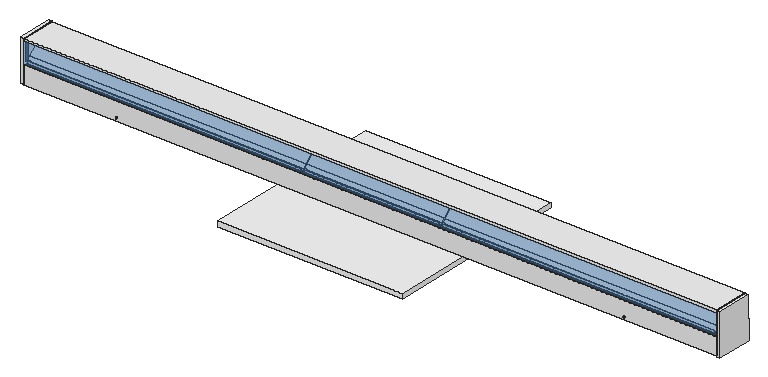
Revit family "BE_50807.1_de_DE", category Leuchten, Revit 2020 (continued)
Definition of nested family "BE_50807.1"
  Forms (mm)
    Extrusion 114, solid, material <- "Material_15"
      sketch origin (-263.631, 0, 0) x (0, 1, 0) y (0, 0, 1)
        loop
          line (16.705, 78.821) -> (16.436, 79.56) -> (13.617, 78.534) -> (13.886, 77.795) -> (16.705, 78.821)
        loop
          line (-16.705, 78.821) -> (-13.886, 77.795) -> (-13.617, 78.534) -> (-16.436, 79.56) -> (-16.705, 78.821)
      from 130.315 to 133.315
    Extrusion 115, solid, material <- "Material_15"
      sketch origin (-263.631, 0, 0) x (0, 1, 0) y (0, 0, 1)
        loop
          line (16.705, 78.821) -> (16.436, 79.56) -> (13.617, 78.534) -> (13.886, 77.795) -> (16.705, 78.821)
        loop
          line (-16.705, 78.821) -> (-13.886, 77.795) -> (-13.617, 78.534) -> (-16.436, 79.56) -> (-16.705, 78.821)
      from 130.315 to 133.315
    Extrusion 116, solid, material <- "Material_15"
      sketch origin (-263.631, 0, 0) x (0, 1, 0) y (0, 0, 1)
        loop
          line (16.705, 78.821) -> (16.436, 79.56) -> (13.617, 78.534) -> (13.886, 77.795) -> (16.705, 78.821)
        loop
          line (-16.705, 78.821) -> (-13.886, 77.795) -> (-13.617, 78.534) -> (-16.436, 79.56) -> (-16.705, 78.821)
      from 130.315 to 133.315
    Extrusion 117, solid, material <- "Material_15"
      sketch origin (-263.631, 0, 0) x (0, 1, 0) y (0, 0, 1)
        loop
          line (16.705, 78.821) -> (16.436, 79.56) -> (13.617, 78.534) -> (13.886, 77.795) -> (16.705, 78.821)
        loop
          line (-16.705, 78.821) -> (-13.886, 77.795) -> (-13.617, 78.534) -> (-16.436, 79.56) -> (-16.705, 78.821)
      from 130.315 to 133.315
    Extrusion 118, solid, material <- "Material_15"
      sketch origin (-263.631, 0, 0) x (0, 1, 0) y (0, 0, 1)
        loop
          line (16.705, 78.821) -> (16.436, 79.56) -> (13.617, 78.534) -> (13.886, 77.795) -> (16.705, 78.821)
        loop
          line (-16.705, 78.821) -> (-13.886, 77.795) -> (-13.617, 78.534) -> (-16.436, 79.56) -> (-16.705, 78.821)
      from 130.315 to 133.315
    Extrusion 119, solid, material <- "Material_15"
      sketch origin (-263.631, 0, 0) x (0, 1, 0) y (0, 0, 1)
        loop
          line (16.705, 78.821) -> (16.436, 79.56) -> (13.617, 78.534) -> (13.886, 77.795) -> (16.705, 78.821)
        loop
          line (-16.705, 78.821) -> (-13.886, 77.795) -> (-13.617, 78.534) -> (-16.436, 79.56) -> (-16.705, 78.821)
      from 130.315 to 133.315
    Extrusion 120, solid, material <- "Material_15"
      sketch origin (-263.631, 0, 0) x (0, 1, 0) y (0, 0, 1)
        loop
          line (16.705, 78.821) -> (16.436, 79.56) -> (13.617, 78.534) -> (13.886, 77.795) -> (16.705, 78.821)
        loop
          line (-16.705, 78.821) -> (-13.886, 77.795) -> (-13.617, 78.534) -> (-16.436, 79.56) -> (-16.705, 78.821)
      from 130.315 to 133.315
    Extrusion 121, solid, material <- "Material_15"
      sketch origin (-263.631, 0, 0) x (0, 1, 0) y (0, 0, 1)
        loop
          line (16.705, 78.821) -> (16.436, 79.56) -> (13.617, 78.534) -> (13.886, 77.795) -> (16.705, 78.821)
        loop
          line (-16.705, 78.821) -> (-13.886, 77.795) -> (-13.617, 78.534) -> (-16.436, 79.56) -> (-16.705, 78.821)
      from 130.315 to 133.315
    Extrusion 122, solid, material <- "Material_15"
      sketch origin (-263.631, 0, 0) x (0, 1, 0) y (0, 0, 1)
        loop
          line (16.705, 78.821) -> (16.436, 79.56) -> (13.617, 78.534) -> (13.886, 77.795) -> (16.705, 78.821)
        loop
          line (-16.705, 78.821) -> (-13.886, 77.795) -> (-13.617, 78.534) -> (-16.436, 79.56) -> (-16.705, 78.821)
      from 130.315 to 133.315
    Extrusion 123, solid, material <- "Material_15"
      sketch origin (-263.631, 0, 0) x (0, 1, 0) y (0, 0, 1)
        loop
          line (16.705, 78.821) -> (16.436, 79.56) -> (13.617, 78.534) -> (13.886, 77.795) -> (16.705, 78.821)
        loop
          line (-16.705, 78.821) -> (-13.886, 77.795) -> (-13.617, 78.534) -> (-16.436, 79.56) -> (-16.705, 78.821)
      from 130.315 to 133.315
    Extrusion 124, solid, material <- "Material_15"
      sketch origin (-263.631, 0, 0) x (0, 1, 0) y (0, 0, 1)
        loop
          line (16.705, 78.821) -> (16.436, 79.56) -> (13.617, 78.534) -> (13.886, 77.795) -> (16.705, 78.821)
        loop
          line (-16.705, 78.821) -> (-13.886, 77.795) -> (-13.617, 78.534) -> (-16.436, 79.56) -> (-16.705, 78.821)
      from 130.315 to 133.315
    Extrusion 125, solid, material <- "Material_15"
      sketch origin (-263.631, 0, 0) x (0, 1, 0) y (0, 0, 1)
        loop
          line (16.705, 78.821) -> (16.436, 79.56) -> (13.617, 78.534) -> (13.886, 77.795) -> (16.705, 78.821)
        loop
          line (-16.705, 78.821) -> (-13.886, 77.795) -> (-13.617, 78.534) -> (-16.436, 79.56) -> (-16.705, 78.821)
      from 130.315 to 133.315
    Extrusion 126, solid, material <- "Material_15"
      sketch origin (-263.631, 0, 0) x (0, 1, 0) y (0, 0, 1)
        loop
          line (16.705, 78.821) -> (16.436, 79.56) -> (13.617, 78.534) -> (13.886, 77.795) -> (16.705, 78.821)
        loop
          line (-16.705, 78.821) -> (-13.886, 77.795) -> (-13.617, 78.534) -> (-16.436, 79.56) -> (-16.705, 78.821)
      from 130.315 to 133.315
    Extrusion 127, solid, material <- "Material_15"
      sketch origin (-263.631, 0, 0) x (0, 1, 0) y (0, 0, 1)
        loop
          line (16.705, 78.821) -> (16.436, 79.56) -> (13.617, 78.534) -> (13.886, 77.795) -> (16.705, 78.821)
        loop
          line (-16.705, 78.821) -> (-13.886, 77.795) -> (-13.617, 78.534) -> (-16.436, 79.56) -> (-16.705, 78.821)
      from 130.315 to 133.315
    Extrusion 128, solid, material <- "Material_15"
      sketch origin (-263.631, 0, 0) x (0, 1, 0) y (0, 0, 1)
        loop
          line (16.705, 78.821) -> (16.436, 79.56) -> (13.617, 78.534) -> (13.886, 77.795) -> (16.705, 78.821)
        loop
          line (-16.705, 78.821) -> (-13.886, 77.795) -> (-13.617, 78.534) -> (-16.436, 79.56) -> (-16.705, 78.821)
      from 130.315 to 133.315
    Extrusion 129, solid, material <- "Material_15"
      sketch origin (-263.631, 0, 0) x (0, 1, 0) y (0, 0, 1)
        loop
          line (16.705, 78.821) -> (16.436, 79.56) -> (13.617, 78.534) -> (13.886, 77.795) -> (16.705, 78.821)
        loop
          line (-16.705, 78.821) -> (-13.886, 77.795) -> (-13.617, 78.534) -> (-16.436, 79.56) -> (-16.705, 78.821)
      from 130.315 to 133.315
    Extrusion 130, solid, material <- "Material_15"
      sketch origin (-263.631, 0, 0) x (0, 1, 0) y (0, 0, 1)
        loop
          line (16.705, 78.821) -> (16.436, 79.56) -> (13.617, 78.534) -> (13.886, 77.795) -> (16.705, 78.821)
        loop
          line (-16.705, 78.821) -> (-13.886, 77.795) -> (-13.617, 78.534) -> (-16.436, 79.56) -> (-16.705, 78.821)
      from 130.315 to 133.315
    Extrusion 131, solid, material <- "Material_15"
      sketch origin (-263.631, 0, 0) x (0, 1, 0) y (0, 0, 1)
        loop
          line (16.705, 78.821) -> (16.436, 79.56) -> (13.617, 78.534) -> (13.886, 77.795) -> (16.705, 78.821)
        loop
          line (-16.705, 78.821) -> (-13.886, 77.795) -> (-13.617, 78.534) -> (-16.436, 79.56) -> (-16.705, 78.821)
      from 130.315 to 133.315
    Extrusion 132, solid, material <- "Material_15"
      sketch origin (-263.631, 0, 0) x (0, 1, 0) y (0, 0, 1)
        loop
          line (16.705, 78.821) -> (16.436, 79.56) -> (13.617, 78.534) -> (13.886, 77.795) -> (16.705, 78.821)
        loop
          line (-16.705, 78.821) -> (-13.886, 77.795) -> (-13.617, 78.534) -> (-16.436, 79.56) -> (-16.705, 78.821)
      from 130.315 to 133.315
    Extrusion 133, solid, material <- "Material_15"
      sketch origin (-263.631, 0, 0) x (0, 1, 0) y (0, 0, 1)
        loop
          line (16.705, 78.821) -> (16.436, 79.56) -> (13.617, 78.534) -> (13.886, 77.795) -> (16.705, 78.821)
        loop
          line (-16.705, 78.821) -> (-13.886, 77.795) -> (-13.617, 78.534) -> (-16.436, 79.56) -> (-16.705, 78.821)
      from 130.315 to 133.315
    Extrusion 134, solid, material <- "Material_15"
      sketch origin (-263.631, 0, 0) x (0, 1, 0) y (0, 0, 1)
        loop
          line (16.705, 78.821) -> (16.436, 79.56) -> (13.617, 78.534) -> (13.886, 77.795) -> (16.705, 78.821)
        loop
          line (-16.705, 78.821) -> (-13.886, 77.795) -> (-13.617, 78.534) -> (-16.436, 79.56) -> (-16.705, 78.821)
      from 130.315 to 133.315
    Extrusion 135, solid, material <- "Material_15"
      sketch origin (-263.631, 0, 0) x (0, 1, 0) y (0, 0, 1)
        loop
          line (16.705, 78.821) -> (16.436, 79.56) -> (13.617, 78.534) -> (13.886, 77.795) -> (16.705, 78.821)
        loop
          line (-16.705, 78.821) -> (-13.886, 77.795) -> (-13.617, 78.534) -> (-16.436, 79.56) -> (-16.705, 78.821)
      from 130.315 to 133.315
    Extrusion 136, solid, material <- "Material_34"
      sketch origin (0, 0, 0) x (0, 1, 0) y (0, 0, 1)
        loop
          line (33.7, 0) -> (34.041, 2.5) -> (30.8, 2.5) -> (30.479, 5.958) -> (33.493, 7.699)
          arc (33.493, 7.699) -> (33.786, 8.683) -> (33.21, 9.533) r 1.2
          line (33.21, 9.533) -> (32.471, 9.96) -> (27.5, 10.004) -> (27.5, 8) -> (-23.701, 8.004) -> (-24.1, 10) -> (-27.252, 10) -> (-28.075, 8.575) -> (-26.088, 6.588) -> (-26, 4.624) -> (-27.912, 2.588) -> (-32.7, 2.5) -> (-33.041, 0) -> (-25, 0) -> (-22.489, 4.35) -> (23.489, 4.35) -> (26, 0) -> (33.7, 0)
      from -749 to 748.991
    Extrusion 137, solid, material <- "Material_34"
      sketch origin (0, 0, 0) x (0, 1, 0) y (0, 0, 1)
        loop
          line (-38, 0.498) -> (38.035, 0.511) -> (38.035, 90) -> (-38, 90) -> (-38, 0.498)
      from -757.866 to -750.5
    Extrusion 138, solid, material <- "Material_34"
      sketch origin (0, 0, 0) x (0, 1, 0) y (0, 0, 1)
        loop
          line (37.5, 0.824) -> (37.5, 89.55) -> (-37.5, 89.55) -> (-37.5, 0.811) -> (37.5, 0.824)
      from -750.5 to -750
    Extrusion 139, solid, material <- "Material_34"
      sketch origin (0, 0, 0) x (0, 1, 0) y (0, 0, -1)
        loop
          line (-38, -0.498) -> (-38, -90) -> (38.035, -90) -> (38.035, -0.511) -> (-38, -0.498)
      from -757.866 to -750.5
    Extrusion 140, solid
      sketch origin (0, 0, 0) x (0, 1, 0) y (0, 0, -1)
        loop
          line (37.5, -0.824) -> (-37.5, -0.811) -> (-37.5, -89.55) -> (37.5, -89.55) -> (37.5, -0.824)
      from -750.5 to -750
    Extrusion 141, void
      sketch origin (0, 0, 0) x (1, 0, 0) y (0, 1, 0)
        loop
          arc (-722.25, 12.5) -> (-725, 15.25) -> (-727.75, 12.5) r 2.75
          line (-727.75, 12.5) -> (-727.75, 7.5)
          arc (-727.75, 7.5) -> (-725, 4.75) -> (-722.25, 7.5) r 2.75
          line (-722.25, 7.5) -> (-722.25, 12.5)
        loop
          line (-159, 7) -> (-159, -7)
          arc (-159, -7) -> (-156.657, -12.657) -> (-151, -15) r 8
          line (-151, -15) -> (-17, -15)
          arc (-17, -15) -> (-11.343, -12.657) -> (-9, -7) r 8
          line (-9, -7) -> (-9, 7)
          arc (-9, 7) -> (-11.343, 12.657) -> (-17, 15) r 8
          line (-17, 15) -> (-151, 15)
          arc (-151, 15) -> (-156.657, 12.657) -> (-159, 7) r 8
        loop
          arc (722.5, 12.75) -> (719.75, 10) -> (722.5, 7.25) r 2.75
          line (722.5, 7.25) -> (727.5, 7.25)
          arc (727.5, 7.25) -> (730.25, 10) -> (727.5, 12.75) r 2.75
          line (727.5, 12.75) -> (722.5, 12.75)
      from 3.356 to 9.5
    Extrusion 142, solid
      sketch origin (0, 0, 0) x (0, 1, 0) y (0, 0, 1)
        loop
          line (34.396, 48) -> (34.396, 80)
          arc (34.396, 80) -> (32.4, 81.997) -> (30.403, 80) r 1.997
          line (30.403, 80) -> (30.403, 47.999)
          arc (30.403, 47.999) -> (32.4, 46.003) -> (34.396, 48) r 1.997
        loop
          arc (-34.396, 48) -> (-32.4, 46.003) -> (-30.403, 47.999) r 1.997
          line (-30.403, 47.999) -> (-30.403, 80)
          arc (-30.403, 80) -> (-32.4, 81.997) -> (-34.396, 80) r 1.997
          line (-34.396, 80) -> (-34.396, 48)
      from -750 to -748.5
    Extrusion 143, solid
      sketch origin (0, 0, 0) x (0, 1, 0) y (0, 0, -1)
        loop
          arc (34.396, -48) -> (32.4, -46.003) -> (30.403, -47.999) r 1.997
          line (30.403, -47.999) -> (30.403, -80)
          arc (30.403, -80) -> (32.4, -81.997) -> (34.396, -80) r 1.997
          line (34.396, -80) -> (34.396, -48)
        loop
          line (-34.396, -48) -> (-34.396, -80)
          arc (-34.396, -80) -> (-32.4, -81.997) -> (-30.403, -80) r 1.997
          line (-30.403, -80) -> (-30.403, -47.999)
          arc (-30.403, -47.999) -> (-32.4, -46.003) -> (-34.396, -48) r 1.997
      from -750 to -748.5
    Extrusion 144, solid, material <- "Material_15"
      sketch origin (-263.631, 0, 0) x (0, 1, 0) y (0, 0, 1)
        loop
          line (16.705, 78.821) -> (16.436, 79.56) -> (13.617, 78.534) -> (13.886, 77.795) -> (16.705, 78.821)
        loop
          line (-16.705, 78.821) -> (-13.886, 77.795) -> (-13.617, 78.534) -> (-16.436, 79.56) -> (-16.705, 78.821)
      from 130.315 to 133.315
    Extrusion 145, solid, material <- "Material_15"
      sketch origin (-263.631, 0, 0) x (0, 1, 0) y (0, 0, 1)
        loop
          line (16.705, 78.821) -> (16.436, 79.56) -> (13.617, 78.534) -> (13.886, 77.795) -> (16.705, 78.821)
        loop
          line (-16.705, 78.821) -> (-13.886, 77.795) -> (-13.617, 78.534) -> (-16.436, 79.56) -> (-16.705, 78.821)
      from 130.315 to 133.315
    Extrusion 146, solid, material <- "Material_15"
      sketch origin (-263.631, 0, 0) x (0, 1, 0) y (0, 0, 1)
        loop
          line (16.705, 78.821) -> (16.436, 79.56) -> (13.617, 78.534) -> (13.886, 77.795) -> (16.705, 78.821)
        loop
          line (-16.705, 78.821) -> (-13.886, 77.795) -> (-13.617, 78.534) -> (-16.436, 79.56) -> (-16.705, 78.821)
      from 130.315 to 133.315
    Extrusion 147, solid, material <- "Material_15"
      sketch origin (-263.631, 0, 0) x (0, 1, 0) y (0, 0, 1)
        loop
          line (16.705, 78.821) -> (16.436, 79.56) -> (13.617, 78.534) -> (13.886, 77.795) -> (16.705, 78.821)
        loop
          line (-16.705, 78.821) -> (-13.886, 77.795) -> (-13.617, 78.534) -> (-16.436, 79.56) -> (-16.705, 78.821)
      from 130.315 to 133.315
    Extrusion 148, solid, material <- "Material_15"
      sketch origin (-263.631, 0, 0) x (0, 1, 0) y (0, 0, 1)
        loop
          line (16.705, 78.821) -> (16.436, 79.56) -> (13.617, 78.534) -> (13.886, 77.795) -> (16.705, 78.821)
        loop
          line (-16.705, 78.821) -> (-13.886, 77.795) -> (-13.617, 78.534) -> (-16.436, 79.56) -> (-16.705, 78.821)
      from 130.315 to 133.315
    Extrusion 149, solid, material <- "Material_15"
      sketch origin (-263.631, 0, 0) x (0, 1, 0) y (0, 0, 1)
        loop
          line (16.705, 78.821) -> (16.436, 79.56) -> (13.617, 78.534) -> (13.886, 77.795) -> (16.705, 78.821)
        loop
          line (-16.705, 78.821) -> (-13.886, 77.795) -> (-13.617, 78.534) -> (-16.436, 79.56) -> (-16.705, 78.821)
      from 130.315 to 133.315
    Extrusion 150, solid, material <- "Material_15"
      sketch origin (-263.631, 0, 0) x (0, 1, 0) y (0, 0, 1)
        loop
          line (16.705, 78.821) -> (16.436, 79.56) -> (13.617, 78.534) -> (13.886, 77.795) -> (16.705, 78.821)
        loop
          line (-16.705, 78.821) -> (-13.886, 77.795) -> (-13.617, 78.534) -> (-16.436, 79.56) -> (-16.705, 78.821)
      from 130.315 to 133.315
    Extrusion 151, solid, material <- "Material_15"
      sketch origin (-263.631, 0, 0) x (0, 1, 0) y (0, 0, 1)
        loop
          line (16.705, 78.821) -> (16.436, 79.56) -> (13.617, 78.534) -> (13.886, 77.795) -> (16.705, 78.821)
        loop
          line (-16.705, 78.821) -> (-13.886, 77.795) -> (-13.617, 78.534) -> (-16.436, 79.56) -> (-16.705, 78.821)
      from 130.315 to 133.315
    Extrusion 152, solid, material <- "Material_15"
      sketch origin (-263.631, 0, 0) x (0, 1, 0) y (0, 0, 1)
        loop
          line (16.705, 78.821) -> (16.436, 79.56) -> (13.617, 78.534) -> (13.886, 77.795) -> (16.705, 78.821)
        loop
          line (-16.705, 78.821) -> (-13.886, 77.795) -> (-13.617, 78.534) -> (-16.436, 79.56) -> (-16.705, 78.821)
      from 130.315 to 133.315
    Extrusion 153, solid, material <- "Material_15"
      sketch origin (-263.631, 0, 0) x (0, 1, 0) y (0, 0, 1)
        loop
          line (16.705, 78.821) -> (16.436, 79.56) -> (13.617, 78.534) -> (13.886, 77.795) -> (16.705, 78.821)
        loop
          line (-16.705, 78.821) -> (-13.886, 77.795) -> (-13.617, 78.534) -> (-16.436, 79.56) -> (-16.705, 78.821)
      from 130.315 to 133.315
    Extrusion 154, solid, material <- "Material_15"
      sketch origin (-263.631, 0, 0) x (0, 1, 0) y (0, 0, 1)
        loop
          line (16.705, 78.821) -> (16.436, 79.56) -> (13.617, 78.534) -> (13.886, 77.795) -> (16.705, 78.821)
        loop
          line (-16.705, 78.821) -> (-13.886, 77.795) -> (-13.617, 78.534) -> (-16.436, 79.56) -> (-16.705, 78.821)
      from 130.315 to 133.315
    Extrusion 155, solid, material <- "Material_15"
      sketch origin (-263.631, 0, 0) x (0, 1, 0) y (0, 0, 1)
        loop
          line (16.705, 78.821) -> (16.436, 79.56) -> (13.617, 78.534) -> (13.886, 77.795) -> (16.705, 78.821)
        loop
          line (-16.705, 78.821) -> (-13.886, 77.795) -> (-13.617, 78.534) -> (-16.436, 79.56) -> (-16.705, 78.821)
      from 130.315 to 133.315
    Extrusion 156, solid, material <- "Material_15"
      sketch origin (-263.631, 0, 0) x (0, 1, 0) y (0, 0, 1)
        loop
          line (16.705, 78.821) -> (16.436, 79.56) -> (13.617, 78.534) -> (13.886, 77.795) -> (16.705, 78.821)
        loop
          line (-16.705, 78.821) -> (-13.886, 77.795) -> (-13.617, 78.534) -> (-16.436, 79.56) -> (-16.705, 78.821)
      from 130.315 to 133.315
    Extrusion 157, solid, material <- "Material_15"
      sketch origin (-263.631, 0, 0) x (0, 1, 0) y (0, 0, 1)
        loop
          line (16.705, 78.821) -> (16.436, 79.56) -> (13.617, 78.534) -> (13.886, 77.795) -> (16.705, 78.821)
        loop
          line (-16.705, 78.821) -> (-13.886, 77.795) -> (-13.617, 78.534) -> (-16.436, 79.56) -> (-16.705, 78.821)
      from 130.315 to 133.315
    Extrusion 158, solid, material <- "Material_15"
      sketch origin (-263.631, 0, 0) x (0, 1, 0) y (0, 0, 1)
        loop
          line (16.705, 78.821) -> (16.436, 79.56) -> (13.617, 78.534) -> (13.886, 77.795) -> (16.705, 78.821)
        loop
          line (-16.705, 78.821) -> (-13.886, 77.795) -> (-13.617, 78.534) -> (-16.436, 79.56) -> (-16.705, 78.821)
      from 130.315 to 133.315
    Extrusion 159, solid, material <- "Material_15"
      sketch origin (-263.631, 0, 0) x (0, 1, 0) y (0, 0, 1)
        loop
          line (16.705, 78.821) -> (16.436, 79.56) -> (13.617, 78.534) -> (13.886, 77.795) -> (16.705, 78.821)
        loop
          line (-16.705, 78.821) -> (-13.886, 77.795) -> (-13.617, 78.534) -> (-16.436, 79.56) -> (-16.705, 78.821)
      from 130.315 to 133.315
    Extrusion 160, solid, material <- "Material_15"
      sketch origin (-263.631, 0, 0) x (0, 1, 0) y (0, 0, 1)
        loop
          line (16.705, 78.821) -> (16.436, 79.56) -> (13.617, 78.534) -> (13.886, 77.795) -> (16.705, 78.821)
        loop
          line (-16.705, 78.821) -> (-13.886, 77.795) -> (-13.617, 78.534) -> (-16.436, 79.56) -> (-16.705, 78.821)
      from 130.315 to 133.315
    Extrusion 161, solid, material <- "Material_15"
      sketch origin (-263.631, 0, 0) x (0, 1, 0) y (0, 0, 1)
        loop
          line (16.705, 78.821) -> (16.436, 79.56) -> (13.617, 78.534) -> (13.886, 77.795) -> (16.705, 78.821)
        loop
          line (-16.705, 78.821) -> (-13.886, 77.795) -> (-13.617, 78.534) -> (-16.436, 79.56) -> (-16.705, 78.821)
      from 130.315 to 133.315
    Extrusion 162, solid, material <- "Material_15"
      sketch origin (-263.631, 0, 0) x (0, 1, 0) y (0, 0, 1)
        loop
          line (16.705, 78.821) -> (16.436, 79.56) -> (13.617, 78.534) -> (13.886, 77.795) -> (16.705, 78.821)
        loop
          line (-16.705, 78.821) -> (-13.886, 77.795) -> (-13.617, 78.534) -> (-16.436, 79.56) -> (-16.705, 78.821)
      from 130.315 to 133.315
    Extrusion 163, solid, material <- "Material_15"
      sketch origin (-263.631, 0, 0) x (0, 1, 0) y (0, 0, 1)
        loop
          line (16.705, 78.821) -> (16.436, 79.56) -> (13.617, 78.534) -> (13.886, 77.795) -> (16.705, 78.821)
        loop
          line (-16.705, 78.821) -> (-13.886, 77.795) -> (-13.617, 78.534) -> (-16.436, 79.56) -> (-16.705, 78.821)
      from 130.315 to 133.315
    Extrusion 164, solid, material <- "Material_15"
      sketch origin (-263.631, 0, 0) x (0, 1, 0) y (0, 0, 1)
        loop
          line (16.705, 78.821) -> (16.436, 79.56) -> (13.617, 78.534) -> (13.886, 77.795) -> (16.705, 78.821)
        loop
          line (-16.705, 78.821) -> (-13.886, 77.795) -> (-13.617, 78.534) -> (-16.436, 79.56) -> (-16.705, 78.821)
      from 130.315 to 133.315
    Extrusion 165, solid, material <- "Material_15"
      sketch origin (-263.631, 0, 0) x (0, 1, 0) y (0, 0, 1)
        loop
          line (16.705, 78.821) -> (16.436, 79.56) -> (13.617, 78.534) -> (13.886, 77.795) -> (16.705, 78.821)
        loop
          line (-16.705, 78.821) -> (-13.886, 77.795) -> (-13.617, 78.534) -> (-16.436, 79.56) -> (-16.705, 78.821)
      from 130.315 to 133.315
    Extrusion 166, solid, material <- "Material_15"
      sketch origin (-263.631, 0, 0) x (0, 1, 0) y (0, 0, 1)
        loop
          line (16.705, 78.821) -> (16.436, 79.56) -> (13.617, 78.534) -> (13.886, 77.795) -> (16.705, 78.821)
        loop
          line (-16.705, 78.821) -> (-13.886, 77.795) -> (-13.617, 78.534) -> (-16.436, 79.56) -> (-16.705, 78.821)
      from 130.315 to 133.315
    Extrusion 167, solid, material <- "Material_15"
      sketch origin (-263.631, 0, 0) x (0, 1, 0) y (0, 0, 1)
        loop
          line (16.705, 78.821) -> (16.436, 79.56) -> (13.617, 78.534) -> (13.886, 77.795) -> (16.705, 78.821)
        loop
          line (-16.705, 78.821) -> (-13.886, 77.795) -> (-13.617, 78.534) -> (-16.436, 79.56) -> (-16.705, 78.821)
      from 130.315 to 133.315
    Extrusion 168, solid, material <- "Material_15"
      sketch origin (263.631, 0, 0) x (0, -1, 0) y (0, 0, 1)
        loop
          line (-16.705, 78.821) -> (-13.886, 77.795) -> (-13.617, 78.534) -> (-16.436, 79.56) -> (-16.705, 78.821)
        loop
          line (16.705, 78.821) -> (16.436, 79.56) -> (13.617, 78.534) -> (13.886, 77.795) -> (16.705, 78.821)
      from 130.315 to 133.315
    Extrusion 169, solid, material <- "Material_15"
      sketch origin (-263.631, 0, 0) x (0, 1, 0) y (0, 0, 1)
        loop
          line (16.705, 78.821) -> (16.436, 79.56) -> (13.617, 78.534) -> (13.886, 77.795) -> (16.705, 78.821)
        loop
          line (-16.705, 78.821) -> (-13.886, 77.795) -> (-13.617, 78.534) -> (-16.436, 79.56) -> (-16.705, 78.821)
      from 130.315 to 133.315
    Extrusion 170, solid, material <- "Material_15"
      sketch origin (-263.631, 0, 0) x (0, 1, 0) y (0, 0, 1)
        loop
          line (16.705, 78.821) -> (16.436, 79.56) -> (13.617, 78.534) -> (13.886, 77.795) -> (16.705, 78.821)
        loop
          line (-16.705, 78.821) -> (-13.886, 77.795) -> (-13.617, 78.534) -> (-16.436, 79.56) -> (-16.705, 78.821)
      from 130.315 to 133.315
    Extrusion 171, solid, material <- "Material_15"
      sketch origin (-263.631, 0, 0) x (0, 1, 0) y (0, 0, 1)
        loop
          line (16.705, 78.821) -> (16.436, 79.56) -> (13.617, 78.534) -> (13.886, 77.795) -> (16.705, 78.821)
        loop
          line (-16.705, 78.821) -> (-13.886, 77.795) -> (-13.617, 78.534) -> (-16.436, 79.56) -> (-16.705, 78.821)
      from 130.315 to 133.315
    Extrusion 172, solid, material <- "Material_15"
      sketch origin (-263.631, 0, 0) x (0, 1, 0) y (0, 0, 1)
        loop
          line (16.705, 78.821) -> (16.436, 79.56) -> (13.617, 78.534) -> (13.886, 77.795) -> (16.705, 78.821)
        loop
          line (-16.705, 78.821) -> (-13.886, 77.795) -> (-13.617, 78.534) -> (-16.436, 79.56) -> (-16.705, 78.821)
      from 130.315 to 133.315
    Extrusion 173, solid, material <- "Material_15"
      sketch origin (-263.631, 0, 0) x (0, 1, 0) y (0, 0, 1)
        loop
          line (16.705, 78.821) -> (16.436, 79.56) -> (13.617, 78.534) -> (13.886, 77.795) -> (16.705, 78.821)
        loop
          line (-16.705, 78.821) -> (-13.886, 77.795) -> (-13.617, 78.534) -> (-16.436, 79.56) -> (-16.705, 78.821)
      from 130.315 to 133.315
    Extrusion 174, solid, material <- "Material_15"
      sketch origin (-263.631, 0, 0) x (0, 1, 0) y (0, 0, 1)
        loop
          line (16.705, 78.821) -> (16.436, 79.56) -> (13.617, 78.534) -> (13.886, 77.795) -> (16.705, 78.821)
        loop
          line (-16.705, 78.821) -> (-13.886, 77.795) -> (-13.617, 78.534) -> (-16.436, 79.56) -> (-16.705, 78.821)
      from 130.315 to 133.315
    Extrusion 175, solid, material <- "Material_15"
      sketch origin (-263.631, 0, 0) x (0, 1, 0) y (0, 0, 1)
        loop
          line (16.705, 78.821) -> (16.436, 79.56) -> (13.617, 78.534) -> (13.886, 77.795) -> (16.705, 78.821)
        loop
          line (-16.705, 78.821) -> (-13.886, 77.795) -> (-13.617, 78.534) -> (-16.436, 79.56) -> (-16.705, 78.821)
      from 130.315 to 133.315
    Extrusion 176, solid, material <- "Material_15"
      sketch origin (-263.631, 0, 0) x (0, 1, 0) y (0, 0, 1)
        loop
          line (16.705, 78.821) -> (16.436, 79.56) -> (13.617, 78.534) -> (13.886, 77.795) -> (16.705, 78.821)
        loop
          line (-16.705, 78.821) -> (-13.886, 77.795) -> (-13.617, 78.534) -> (-16.436, 79.56) -> (-16.705, 78.821)
      from 130.315 to 133.315
    Extrusion 177, solid, material <- "Material_15"
      sketch origin (-263.631, 0, 0) x (0, 1, 0) y (0, 0, 1)
        loop
          line (16.705, 78.821) -> (16.436, 79.56) -> (13.617, 78.534) -> (13.886, 77.795) -> (16.705, 78.821)
        loop
          line (-16.705, 78.821) -> (-13.886, 77.795) -> (-13.617, 78.534) -> (-16.436, 79.56) -> (-16.705, 78.821)
      from 130.315 to 133.315
    Extrusion 178, solid, material <- "Material_15"
      sketch origin (-263.631, 0, 0) x (0, 1, 0) y (0, 0, 1)
        loop
          line (16.705, 78.821) -> (16.436, 79.56) -> (13.617, 78.534) -> (13.886, 77.795) -> (16.705, 78.821)
        loop
          line (-16.705, 78.821) -> (-13.886, 77.795) -> (-13.617, 78.534) -> (-16.436, 79.56) -> (-16.705, 78.821)
      from 130.315 to 133.315
    Extrusion 179, solid, material <- "Material_15"
      sketch origin (-263.631, 0, 0) x (0, 1, 0) y (0, 0, 1)
        loop
          line (16.705, 78.821) -> (16.436, 79.56) -> (13.617, 78.534) -> (13.886, 77.795) -> (16.705, 78.821)
        loop
          line (-16.705, 78.821) -> (-13.886, 77.795) -> (-13.617, 78.534) -> (-16.436, 79.56) -> (-16.705, 78.821)
      from 130.315 to 133.315
    Extrusion 180, solid, material <- "Material_15"
      sketch origin (-263.631, 0, 0) x (0, 1, 0) y (0, 0, 1)
        loop
          line (16.705, 78.821) -> (16.436, 79.56) -> (13.617, 78.534) -> (13.886, 77.795) -> (16.705, 78.821)
        loop
          line (-16.705, 78.821) -> (-13.886, 77.795) -> (-13.617, 78.534) -> (-16.436, 79.56) -> (-16.705, 78.821)
      from 130.315 to 133.315
    Extrusion 181, solid, material <- "Material_15"
      sketch origin (-263.631, 0, 0) x (0, 1, 0) y (0, 0, 1)
        loop
          line (16.705, 78.821) -> (16.436, 79.56) -> (13.617, 78.534) -> (13.886, 77.795) -> (16.705, 78.821)
        loop
          line (-16.705, 78.821) -> (-13.886, 77.795) -> (-13.617, 78.534) -> (-16.436, 79.56) -> (-16.705, 78.821)
      from 130.315 to 133.315
    Extrusion 182, solid, material <- "Material_15"
      sketch origin (-263.631, 0, 0) x (0, 1, 0) y (0, 0, 1)
        loop
          line (16.705, 78.821) -> (16.436, 79.56) -> (13.617, 78.534) -> (13.886, 77.795) -> (16.705, 78.821)
        loop
          line (-16.705, 78.821) -> (-13.886, 77.795) -> (-13.617, 78.534) -> (-16.436, 79.56) -> (-16.705, 78.821)
      from 130.315 to 133.315
    Extrusion 183, solid, material <- "Material_15"
      sketch origin (-263.631, 0, 0) x (0, 1, 0) y (0, 0, 1)
        loop
          line (16.705, 78.821) -> (16.436, 79.56) -> (13.617, 78.534) -> (13.886, 77.795) -> (16.705, 78.821)
        loop
          line (-16.705, 78.821) -> (-13.886, 77.795) -> (-13.617, 78.534) -> (-16.436, 79.56) -> (-16.705, 78.821)
      from 130.315 to 133.315
    Extrusion 184, solid, material <- "Material_15"
      sketch origin (-263.631, 0, 0) x (0, 1, 0) y (0, 0, 1)
        loop
          line (16.705, 78.821) -> (16.436, 79.56) -> (13.617, 78.534) -> (13.886, 77.795) -> (16.705, 78.821)
        loop
          line (-16.705, 78.821) -> (-13.886, 77.795) -> (-13.617, 78.534) -> (-16.436, 79.56) -> (-16.705, 78.821)
      from 130.315 to 133.315
    Extrusion 185, solid, material <- "Material_15"
      sketch origin (-263.631, 0, 0) x (0, 1, 0) y (0, 0, 1)
        loop
          line (16.705, 78.821) -> (16.436, 79.56) -> (13.617, 78.534) -> (13.886, 77.795) -> (16.705, 78.821)
        loop
          line (-16.705, 78.821) -> (-13.886, 77.795) -> (-13.617, 78.534) -> (-16.436, 79.56) -> (-16.705, 78.821)
      from 130.315 to 133.315
    Extrusion 186, solid, material <- "Material_15"
      sketch origin (-263.631, 0, 0) x (0, 1, 0) y (0, 0, 1)
        loop
          line (16.705, 78.821) -> (16.436, 79.56) -> (13.617, 78.534) -> (13.886, 77.795) -> (16.705, 78.821)
        loop
          line (-16.705, 78.821) -> (-13.886, 77.795) -> (-13.617, 78.534) -> (-16.436, 79.56) -> (-16.705, 78.821)
      from 130.315 to 133.315
    Extrusion 187, solid, material <- "Material_15"
      sketch origin (-263.631, 0, 0) x (0, 1, 0) y (0, 0, 1)
        loop
          line (16.705, 78.821) -> (16.436, 79.56) -> (13.617, 78.534) -> (13.886, 77.795) -> (16.705, 78.821)
        loop
          line (-16.705, 78.821) -> (-13.886, 77.795) -> (-13.617, 78.534) -> (-16.436, 79.56) -> (-16.705, 78.821)
      from 130.315 to 133.315
    Extrusion 188, solid, material <- "Material_15"
      sketch origin (-263.631, 0, 0) x (0, 1, 0) y (0, 0, 1)
        loop
          line (16.705, 78.821) -> (16.436, 79.56) -> (13.617, 78.534) -> (13.886, 77.795) -> (16.705, 78.821)
        loop
          line (-16.705, 78.821) -> (-13.886, 77.795) -> (-13.617, 78.534) -> (-16.436, 79.56) -> (-16.705, 78.821)
      from 130.315 to 133.315
    Extrusion 189, solid, material <- "Material_15"
      sketch origin (-263.631, 0, 0) x (0, 1, 0) y (0, 0, 1)
        loop
          line (16.705, 78.821) -> (16.436, 79.56) -> (13.617, 78.534) -> (13.886, 77.795) -> (16.705, 78.821)
        loop
          line (-16.705, 78.821) -> (-13.886, 77.795) -> (-13.617, 78.534) -> (-16.436, 79.56) -> (-16.705, 78.821)
      from 130.315 to 133.315
    Extrusion 190, solid, material <- "Material_15"
      sketch origin (-263.631, 0, 0) x (0, 1, 0) y (0, 0, 1)
        loop
          line (16.705, 78.821) -> (16.436, 79.56) -> (13.617, 78.534) -> (13.886, 77.795) -> (16.705, 78.821)
        loop
          line (-16.705, 78.821) -> (-13.886, 77.795) -> (-13.617, 78.534) -> (-16.436, 79.56) -> (-16.705, 78.821)
      from 130.315 to 133.315
    Extrusion 191, solid, material <- "Material_15"
      sketch origin (-263.631, 0, 0) x (0, 1, 0) y (0, 0, 1)
        loop
          line (16.705, 78.821) -> (16.436, 79.56) -> (13.617, 78.534) -> (13.886, 77.795) -> (16.705, 78.821)
        loop
          line (-16.705, 78.821) -> (-13.886, 77.795) -> (-13.617, 78.534) -> (-16.436, 79.56) -> (-16.705, 78.821)
      from 130.315 to 133.315
    Extrusion 192, solid, material <- "Material_15"
      sketch origin (-263.631, 0, 0) x (0, 1, 0) y (0, 0, 1)
        loop
          line (16.705, 78.821) -> (16.436, 79.56) -> (13.617, 78.534) -> (13.886, 77.795) -> (16.705, 78.821)
        loop
          line (-16.705, 78.821) -> (-13.886, 77.795) -> (-13.617, 78.534) -> (-16.436, 79.56) -> (-16.705, 78.821)
      from 130.315 to 133.315
    Extrusion 193, solid, material <- "Material_15"
      sketch origin (-263.631, 0, 0) x (0, 1, 0) y (0, 0, 1)
        loop
          line (16.705, 78.821) -> (16.436, 79.56) -> (13.617, 78.534) -> (13.886, 77.795) -> (16.705, 78.821)
        loop
          line (-16.705, 78.821) -> (-13.886, 77.795) -> (-13.617, 78.534) -> (-16.436, 79.56) -> (-16.705, 78.821)
      from 130.315 to 133.315
    Extrusion 194, solid, material <- "Material_15"
      sketch origin (-263.631, 0, 0) x (0, 1, 0) y (0, 0, 1)
        loop
          line (16.705, 78.821) -> (16.436, 79.56) -> (13.617, 78.534) -> (13.886, 77.795) -> (16.705, 78.821)
        loop
          line (-16.705, 78.821) -> (-13.886, 77.795) -> (-13.617, 78.534) -> (-16.436, 79.56) -> (-16.705, 78.821)
      from 130.315 to 133.315
    Extrusion 195, solid, material <- "Material_15"
      sketch origin (-263.631, 0, 0) x (0, 1, 0) y (0, 0, 1)
        loop
          line (16.705, 78.821) -> (16.436, 79.56) -> (13.617, 78.534) -> (13.886, 77.795) -> (16.705, 78.821)
        loop
          line (-16.705, 78.821) -> (-13.886, 77.795) -> (-13.617, 78.534) -> (-16.436, 79.56) -> (-16.705, 78.821)
      from 130.315 to 133.315
    Extrusion 196, solid, material <- "Material_15"
      sketch origin (-263.631, 0, 0) x (0, 1, 0) y (0, 0, 1)
        loop
          line (16.705, 78.821) -> (16.436, 79.56) -> (13.617, 78.534) -> (13.886, 77.795) -> (16.705, 78.821)
        loop
          line (-16.705, 78.821) -> (-13.886, 77.795) -> (-13.617, 78.534) -> (-16.436, 79.56) -> (-16.705, 78.821)
      from 130.315 to 133.315
    Extrusion 197, solid, material <- "Material_15"
      sketch origin (-263.631, 0, 0) x (0, 1, 0) y (0, 0, 1)
        loop
          line (16.705, 78.821) -> (16.436, 79.56) -> (13.617, 78.534) -> (13.886, 77.795) -> (16.705, 78.821)
        loop
          line (-16.705, 78.821) -> (-13.886, 77.795) -> (-13.617, 78.534) -> (-16.436, 79.56) -> (-16.705, 78.821)
      from 130.315 to 133.315
    Extrusion 198, solid, material <- "Material_15"
      sketch origin (-263.631, 0, 0) x (0, 1, 0) y (0, 0, 1)
        loop
          line (16.705, 78.821) -> (16.436, 79.56) -> (13.617, 78.534) -> (13.886, 77.795) -> (16.705, 78.821)
        loop
          line (-16.705, 78.821) -> (-13.886, 77.795) -> (-13.617, 78.534) -> (-16.436, 79.56) -> (-16.705, 78.821)
      from 130.315 to 133.315
    Extrusion 199, solid, material <- "Material_15"
      sketch origin (-263.631, 0, 0) x (0, 1, 0) y (0, 0, 1)
        loop
          line (16.705, 78.821) -> (16.436, 79.56) -> (13.617, 78.534) -> (13.886, 77.795) -> (16.705, 78.821)
        loop
          line (-16.705, 78.821) -> (-13.886, 77.795) -> (-13.617, 78.534) -> (-16.436, 79.56) -> (-16.705, 78.821)
      from 130.315 to 133.315
    Extrusion 200, solid, material <- "Material_15"
      sketch origin (-263.631, 0, 0) x (0, 1, 0) y (0, 0, 1)
        loop
          line (16.705, 78.821) -> (16.436, 79.56) -> (13.617, 78.534) -> (13.886, 77.795) -> (16.705, 78.821)
        loop
          line (-16.705, 78.821) -> (-13.886, 77.795) -> (-13.617, 78.534) -> (-16.436, 79.56) -> (-16.705, 78.821)
      from 130.315 to 133.315
    Extrusion 201, solid, material <- "Material_15"
      sketch origin (-263.631, 0, 0) x (0, 1, 0) y (0, 0, 1)
        loop
          line (16.705, 78.821) -> (16.436, 79.56) -> (13.617, 78.534) -> (13.886, 77.795) -> (16.705, 78.821)
        loop
          line (-16.705, 78.821) -> (-13.886, 77.795) -> (-13.617, 78.534) -> (-16.436, 79.56) -> (-16.705, 78.821)
      from 130.315 to 133.315
    Extrusion 202, solid, material <- "Material_15"
      sketch origin (-263.631, 0, 0) x (0, 1, 0) y (0, 0, 1)
        loop
          line (16.705, 78.821) -> (16.436, 79.56) -> (13.617, 78.534) -> (13.886, 77.795) -> (16.705, 78.821)
        loop
          line (-16.705, 78.821) -> (-13.886, 77.795) -> (-13.617, 78.534) -> (-16.436, 79.56) -> (-16.705, 78.821)
      from 130.315 to 133.315
    Extrusion 203, solid, material <- "Material_15"
      sketch origin (-263.631, 0, 0) x (0, 1, 0) y (0, 0, 1)
        loop
          line (16.705, 78.821) -> (16.436, 79.56) -> (13.617, 78.534) -> (13.886, 77.795) -> (16.705, 78.821)
        loop
          line (-16.705, 78.821) -> (-13.886, 77.795) -> (-13.617, 78.534) -> (-16.436, 79.56) -> (-16.705, 78.821)
      from 130.315 to 133.315
    Extrusion 204, solid, material <- "Material_15"
      sketch origin (-263.631, 0, 0) x (0, 1, 0) y (0, 0, 1)
        loop
          line (16.705, 78.821) -> (16.436, 79.56) -> (13.617, 78.534) -> (13.886, 77.795) -> (16.705, 78.821)
        loop
          line (-16.705, 78.821) -> (-13.886, 77.795) -> (-13.617, 78.534) -> (-16.436, 79.56) -> (-16.705, 78.821)
      from 130.315 to 133.315
    Extrusion 205, solid, material <- "Material_15"
      sketch origin (-263.631, 0, 0) x (0, 1, 0) y (0, 0, 1)
        loop
          line (16.705, 78.821) -> (16.436, 79.56) -> (13.617, 78.534) -> (13.886, 77.795) -> (16.705, 78.821)
        loop
          line (-16.705, 78.821) -> (-13.886, 77.795) -> (-13.617, 78.534) -> (-16.436, 79.56) -> (-16.705, 78.821)
      from 130.315 to 133.315
    Extrusion 206, solid, material <- "Material_15"
      sketch origin (-263.631, 0, 0) x (0, 1, 0) y (0, 0, 1)
        loop
          line (16.705, 78.821) -> (16.436, 79.56) -> (13.617, 78.534) -> (13.886, 77.795) -> (16.705, 78.821)
        loop
          line (-16.705, 78.821) -> (-13.886, 77.795) -> (-13.617, 78.534) -> (-16.436, 79.56) -> (-16.705, 78.821)
      from 130.315 to 133.315
    Extrusion 207, solid, material <- "Material_15"
      sketch origin (-263.631, 0, 0) x (0, 1, 0) y (0, 0, 1)
        loop
          line (16.705, 78.821) -> (16.436, 79.56) -> (13.617, 78.534) -> (13.886, 77.795) -> (16.705, 78.821)
        loop
          line (-16.705, 78.821) -> (-13.886, 77.795) -> (-13.617, 78.534) -> (-16.436, 79.56) -> (-16.705, 78.821)
      from 130.315 to 133.315
    Extrusion 208, solid, material <- "Material_15"
      sketch origin (-263.631, 0, 0) x (0, 1, 0) y (0, 0, 1)
        loop
          line (16.705, 78.821) -> (16.436, 79.56) -> (13.617, 78.534) -> (13.886, 77.795) -> (16.705, 78.821)
        loop
          line (-16.705, 78.821) -> (-13.886, 77.795) -> (-13.617, 78.534) -> (-16.436, 79.56) -> (-16.705, 78.821)
      from 130.315 to 133.315
    Extrusion 209, solid, material <- "Material_15"
      sketch origin (-263.631, 0, 0) x (0, 1, 0) y (0, 0, 1)
        loop
          line (16.705, 78.821) -> (16.436, 79.56) -> (13.617, 78.534) -> (13.886, 77.795) -> (16.705, 78.821)
        loop
          line (-16.705, 78.821) -> (-13.886, 77.795) -> (-13.617, 78.534) -> (-16.436, 79.56) -> (-16.705, 78.821)
      from 130.315 to 133.315
    Extrusion 210, solid, material <- "Material_15"
      sketch origin (-263.631, 0, 0) x (0, 1, 0) y (0, 0, 1)
        loop
          line (16.705, 78.821) -> (16.436, 79.56) -> (13.617, 78.534) -> (13.886, 77.795) -> (16.705, 78.821)
        loop
          line (-16.705, 78.821) -> (-13.886, 77.795) -> (-13.617, 78.534) -> (-16.436, 79.56) -> (-16.705, 78.821)
      from 130.315 to 133.315
    Extrusion 211, solid, material <- "Material_15"
      sketch origin (-263.631, 0, 0) x (0, 1, 0) y (0, 0, 1)
        loop
          line (16.705, 78.821) -> (16.436, 79.56) -> (13.617, 78.534) -> (13.886, 77.795) -> (16.705, 78.821)
        loop
          line (-16.705, 78.821) -> (-13.886, 77.795) -> (-13.617, 78.534) -> (-16.436, 79.56) -> (-16.705, 78.821)
      from 130.315 to 133.315
    Extrusion 212, solid, material <- "Material_15"
      sketch origin (-263.631, 0, 0) x (0, 1, 0) y (0, 0, 1)
        loop
          line (16.705, 78.821) -> (16.436, 79.56) -> (13.617, 78.534) -> (13.886, 77.795) -> (16.705, 78.821)
        loop
          line (-16.705, 78.821) -> (-13.886, 77.795) -> (-13.617, 78.534) -> (-16.436, 79.56) -> (-16.705, 78.821)
      from 130.315 to 133.315
    Extrusion 213, solid, material <- "Material_15"
      sketch origin (-263.631, 0, 0) x (0, 1, 0) y (0, 0, 1)
        loop
          line (16.705, 78.821) -> (16.436, 79.56) -> (13.617, 78.534) -> (13.886, 77.795) -> (16.705, 78.821)
        loop
          line (-16.705, 78.821) -> (-13.886, 77.795) -> (-13.617, 78.534) -> (-16.436, 79.56) -> (-16.705, 78.821)
      from 130.315 to 133.315
    Extrusion 214, solid, material <- "Material_15"
      sketch origin (-263.631, 0, 0) x (0, 1, 0) y (0, 0, 1)
        loop
          line (16.705, 78.821) -> (16.436, 79.56) -> (13.617, 78.534) -> (13.886, 77.795) -> (16.705, 78.821)
        loop
          line (-16.705, 78.821) -> (-13.886, 77.795) -> (-13.617, 78.534) -> (-16.436, 79.56) -> (-16.705, 78.821)
      from 130.315 to 133.315
    Extrusion 215, solid, material <- "Material_15"
      sketch origin (-263.631, 0, 0) x (0, 1, 0) y (0, 0, 1)
        loop
          line (16.705, 78.821) -> (16.436, 79.56) -> (13.617, 78.534) -> (13.886, 77.795) -> (16.705, 78.821)
        loop
          line (-16.705, 78.821) -> (-13.886, 77.795) -> (-13.617, 78.534) -> (-16.436, 79.56) -> (-16.705, 78.821)
      from 130.315 to 133.315
    Extrusion 216, solid, material <- "Material_15"
      sketch origin (-263.631, 0, 0) x (0, 1, 0) y (0, 0, 1)
        loop
          line (16.705, 78.821) -> (16.436, 79.56) -> (13.617, 78.534) -> (13.886, 77.795) -> (16.705, 78.821)
        loop
          line (-16.705, 78.821) -> (-13.886, 77.795) -> (-13.617, 78.534) -> (-16.436, 79.56) -> (-16.705, 78.821)
      from 130.315 to 133.315
    Extrusion 217, solid, material <- "Material_15"
      sketch origin (-263.631, 0, 0) x (0, 1, 0) y (0, 0, 1)
        loop
          line (16.705, 78.821) -> (16.436, 79.56) -> (13.617, 78.534) -> (13.886, 77.795) -> (16.705, 78.821)
        loop
          line (-16.705, 78.821) -> (-13.886, 77.795) -> (-13.617, 78.534) -> (-16.436, 79.56) -> (-16.705, 78.821)
      from 130.315 to 133.315
    Extrusion 218, solid, material <- "Material_15"
      sketch origin (-598, 0, 0) x (0, 1, 0) y (0, 0, 1)
        loop
          line (16.705, 78.821) -> (16.436, 79.56) -> (13.617, 78.534) -> (13.886, 77.795) -> (16.705, 78.821)
        loop
          line (-16.705, 78.821) -> (-13.886, 77.795) -> (-13.617, 78.534) -> (-16.436, 79.56) -> (-16.705, 78.821)
      from 130.315 to 133.315
    Extrusion 219, solid, material <- "Material_15"
      sketch origin (-608.985, 0, 0) x (0, 1, 0) y (0, 0, 1)
        loop
          line (16.705, 78.821) -> (16.436, 79.56) -> (13.617, 78.534) -> (13.886, 77.795) -> (16.705, 78.821)
        loop
          line (-16.705, 78.821) -> (-13.886, 77.795) -> (-13.617, 78.534) -> (-16.436, 79.56) -> (-16.705, 78.821)
      from 130.315 to 133.315
    Extrusion 220, solid, material <- "Material_15"
      sketch origin (-619.969, 0, 0) x (0, 1, 0) y (0, 0, 1)
        loop
          line (16.705, 78.821) -> (16.436, 79.56) -> (13.617, 78.534) -> (13.886, 77.795) -> (16.705, 78.821)
        loop
          line (-16.705, 78.821) -> (-13.886, 77.795) -> (-13.617, 78.534) -> (-16.436, 79.56) -> (-16.705, 78.821)
      from 130.315 to 133.315
    Extrusion 221, solid, material <- "Material_15"
      sketch origin (-630.954, 0, 0) x (0, 1, 0) y (0, 0, 1)
        loop
          line (16.705, 78.821) -> (16.436, 79.56) -> (13.617, 78.534) -> (13.886, 77.795) -> (16.705, 78.821)
        loop
          line (-16.705, 78.821) -> (-13.886, 77.795) -> (-13.617, 78.534) -> (-16.436, 79.56) -> (-16.705, 78.821)
      from 130.315 to 133.315
    Extrusion 222, solid, material <- "Material_15"
      sketch origin (-641.938, 0, 0) x (0, 1, 0) y (0, 0, 1)
        loop
          line (16.705, 78.821) -> (16.436, 79.56) -> (13.617, 78.534) -> (13.886, 77.795) -> (16.705, 78.821)
        loop
          line (-16.705, 78.821) -> (-13.886, 77.795) -> (-13.617, 78.534) -> (-16.436, 79.56) -> (-16.705, 78.821)
      from 130.315 to 133.315
    Extrusion 223, solid, material <- "Material_15"
      sketch origin (-652.923, 0, 0) x (0, 1, 0) y (0, 0, 1)
        loop
          line (16.705, 78.821) -> (16.436, 79.56) -> (13.617, 78.534) -> (13.886, 77.795) -> (16.705, 78.821)
        loop
          line (-16.705, 78.821) -> (-13.886, 77.795) -> (-13.617, 78.534) -> (-16.436, 79.56) -> (-16.705, 78.821)
      from 130.315 to 133.315
    Extrusion 224, solid, material <- "Material_15"
      sketch origin (-663.908, 0, 0) x (0, 1, 0) y (0, 0, 1)
        loop
          line (16.705, 78.821) -> (16.436, 79.56) -> (13.617, 78.534) -> (13.886, 77.795) -> (16.705, 78.821)
        loop
          line (-16.705, 78.821) -> (-13.886, 77.795) -> (-13.617, 78.534) -> (-16.436, 79.56) -> (-16.705, 78.821)
      from 130.315 to 133.315
    Extrusion 225, solid, material <- "Material_15"
      sketch origin (-674.892, 0, 0) x (0, 1, 0) y (0, 0, 1)
        loop
          line (16.705, 78.821) -> (16.436, 79.56) -> (13.617, 78.534) -> (13.886, 77.795) -> (16.705, 78.821)
        loop
          line (-16.705, 78.821) -> (-13.886, 77.795) -> (-13.617, 78.534) -> (-16.436, 79.56) -> (-16.705, 78.821)
      from 130.315 to 133.315
    Extrusion 226, solid, material <- "Material_15"
      sketch origin (-685.877, 0, 0) x (0, 1, 0) y (0, 0, 1)
        loop
          line (16.705, 78.821) -> (16.436, 79.56) -> (13.617, 78.534) -> (13.886, 77.795) -> (16.705, 78.821)
        loop
          line (-16.705, 78.821) -> (-13.886, 77.795) -> (-13.617, 78.534) -> (-16.436, 79.56) -> (-16.705, 78.821)
      from 130.315 to 133.315
    Extrusion 227, solid, material <- "Material_15"
      sketch origin (-696.862, 0, 0) x (0, 1, 0) y (0, 0, 1)
        loop
          line (16.705, 78.821) -> (16.436, 79.56) -> (13.617, 78.534) -> (13.886, 77.795) -> (16.705, 78.821)
        loop
          line (-16.705, 78.821) -> (-13.886, 77.795) -> (-13.617, 78.534) -> (-16.436, 79.56) -> (-16.705, 78.821)
      from 130.315 to 133.315
    Extrusion 228, solid, material <- "Material_15"
      sketch origin (-707.846, 0, 0) x (0, 1, 0) y (0, 0, 1)
        loop
          line (16.705, 78.821) -> (16.436, 79.56) -> (13.617, 78.534) -> (13.886, 77.795) -> (16.705, 78.821)
        loop
          line (-16.705, 78.821) -> (-13.886, 77.795) -> (-13.617, 78.534) -> (-16.436, 79.56) -> (-16.705, 78.821)
      from 130.315 to 133.315
    Extrusion 229, solid, material <- "Material_15"
      sketch origin (-718.831, 0, 0) x (0, 1, 0) y (0, 0, 1)
        loop
          line (16.705, 78.821) -> (16.436, 79.56) -> (13.617, 78.534) -> (13.886, 77.795) -> (16.705, 78.821)
        loop
          line (-16.705, 78.821) -> (-13.886, 77.795) -> (-13.617, 78.534) -> (-16.436, 79.56) -> (-16.705, 78.821)
      from 130.315 to 133.315
    Extrusion 230, solid, material <- "Material_15"
      sketch origin (-729.815, 0, 0) x (0, 1, 0) y (0, 0, 1)
        loop
          line (16.705, 78.821) -> (16.436, 79.56) -> (13.617, 78.534) -> (13.886, 77.795) -> (16.705, 78.821)
        loop
          line (-16.705, 78.821) -> (-13.886, 77.795) -> (-13.617, 78.534) -> (-16.436, 79.56) -> (-16.705, 78.821)
      from 130.315 to 133.315
    Extrusion 231, solid, material <- "Material_15"
      sketch origin (-740.8, 0, 0) x (0, 1, 0) y (0, 0, 1)
        loop
          line (16.705, 78.821) -> (16.436, 79.56) -> (13.617, 78.534) -> (13.886, 77.795) -> (16.705, 78.821)
        loop
          line (-16.705, 78.821) -> (-13.886, 77.795) -> (-13.617, 78.534) -> (-16.436, 79.56) -> (-16.705, 78.821)
      from 130.315 to 133.315
    Extrusion 232, solid, material <- "Material_15"
      sketch origin (-751.785, 0, 0) x (0, 1, 0) y (0, 0, 1)
        loop
          line (16.705, 78.821) -> (16.436, 79.56) -> (13.617, 78.534) -> (13.886, 77.795) -> (16.705, 78.821)
        loop
          line (-16.705, 78.821) -> (-13.886, 77.795) -> (-13.617, 78.534) -> (-16.436, 79.56) -> (-16.705, 78.821)
      from 130.315 to 133.315
    Extrusion 233, solid, material <- "Material_15"
      sketch origin (-762.769, 0, 0) x (0, 1, 0) y (0, 0, 1)
        loop
          line (16.705, 78.821) -> (16.436, 79.56) -> (13.617, 78.534) -> (13.886, 77.795) -> (16.705, 78.821)
        loop
          line (-16.705, 78.821) -> (-13.886, 77.795) -> (-13.617, 78.534) -> (-16.436, 79.56) -> (-16.705, 78.821)
      from 130.315 to 133.315
    Extrusion 234, solid, material <- "Material_15"
      sketch origin (-773.754, 0, 0) x (0, 1, 0) y (0, 0, 1)
        loop
          line (16.705, 78.821) -> (16.436, 79.56) -> (13.617, 78.534) -> (13.886, 77.795) -> (16.705, 78.821)
        loop
          line (-16.705, 78.821) -> (-13.886, 77.795) -> (-13.617, 78.534) -> (-16.436, 79.56) -> (-16.705, 78.821)
      from 130.315 to 133.315
    Extrusion 235, solid, material <- "Material_15"
      sketch origin (-784.739, 0, 0) x (0, 1, 0) y (0, 0, 1)
        loop
          line (16.705, 78.821) -> (16.436, 79.56) -> (13.617, 78.534) -> (13.886, 77.795) -> (16.705, 78.821)
        loop
          line (-16.705, 78.821) -> (-13.886, 77.795) -> (-13.617, 78.534) -> (-16.436, 79.56) -> (-16.705, 78.821)
      from 130.315 to 133.315
    Extrusion 236, solid, material <- "Material_15"
      sketch origin (-795.723, 0, 0) x (0, 1, 0) y (0, 0, 1)
        loop
          line (16.705, 78.821) -> (16.436, 79.56) -> (13.617, 78.534) -> (13.886, 77.795) -> (16.705, 78.821)
        loop
          line (-16.705, 78.821) -> (-13.886, 77.795) -> (-13.617, 78.534) -> (-16.436, 79.56) -> (-16.705, 78.821)
      from 130.315 to 133.315
    Extrusion 237, solid, material <- "Material_15"
      sketch origin (-806.708, 0, 0) x (0, 1, 0) y (0, 0, 1)
        loop
          line (16.705, 78.821) -> (16.436, 79.56) -> (13.617, 78.534) -> (13.886, 77.795) -> (16.705, 78.821)
        loop
          line (-16.705, 78.821) -> (-13.886, 77.795) -> (-13.617, 78.534) -> (-16.436, 79.56) -> (-16.705, 78.821)
      from 130.315 to 133.315
    Extrusion 238, solid, material <- "Material_15"
      sketch origin (-817.692, 0, 0) x (0, 1, 0) y (0, 0, 1)
        loop
          line (16.705, 78.821) -> (16.436, 79.56) -> (13.617, 78.534) -> (13.886, 77.795) -> (16.705, 78.821)
        loop
          line (-16.705, 78.821) -> (-13.886, 77.795) -> (-13.617, 78.534) -> (-16.436, 79.56) -> (-16.705, 78.821)
      from 130.315 to 133.315
    Extrusion 239, solid, material <- "Material_15"
      sketch origin (-828.677, 0, 0) x (0, 1, 0) y (0, 0, 1)
        loop
          line (16.705, 78.821) -> (16.436, 79.56) -> (13.617, 78.534) -> (13.886, 77.795) -> (16.705, 78.821)
        loop
          line (-16.705, 78.821) -> (-13.886, 77.795) -> (-13.617, 78.534) -> (-16.436, 79.56) -> (-16.705, 78.821)
      from 130.315 to 133.315
    Extrusion 240, solid, material <- "Material_15"
      sketch origin (-839.662, 0, 0) x (0, 1, 0) y (0, 0, 1)
        loop
          line (16.705, 78.821) -> (16.436, 79.56) -> (13.617, 78.534) -> (13.886, 77.795) -> (16.705, 78.821)
        loop
          line (-16.705, 78.821) -> (-13.886, 77.795) -> (-13.617, 78.534) -> (-16.436, 79.56) -> (-16.705, 78.821)
      from 130.315 to 133.315
    Extrusion 241, solid, material <- "Material_15"
      sketch origin (-850.646, 0, 0) x (0, 1, 0) y (0, 0, 1)
        loop
          line (16.705, 78.821) -> (16.436, 79.56) -> (13.617, 78.534) -> (13.886, 77.795) -> (16.705, 78.821)
        loop
          line (-16.705, 78.821) -> (-13.886, 77.795) -> (-13.617, 78.534) -> (-16.436, 79.56) -> (-16.705, 78.821)
      from 130.315 to 133.315
    Extrusion 242, solid, material <- "Material_15"
      sketch origin (-861.631, 0, 0) x (0, 1, 0) y (0, 0, 1)
        loop
          line (16.705, 78.821) -> (16.436, 79.56) -> (13.617, 78.534) -> (13.886, 77.795) -> (16.705, 78.821)
        loop
          line (-16.705, 78.821) -> (-13.886, 77.795) -> (-13.617, 78.534) -> (-16.436, 79.56) -> (-16.705, 78.821)
      from 130.315 to 133.315
    Extrusion 243, solid, material <- "Material_15"
      sketch origin (-299, 0, 0) x (0, 1, 0) y (0, 0, 1)
        loop
          line (16.705, 78.821) -> (16.436, 79.56) -> (13.617, 78.534) -> (13.886, 77.795) -> (16.705, 78.821)
        loop
          line (-16.705, 78.821) -> (-13.886, 77.795) -> (-13.617, 78.534) -> (-16.436, 79.56) -> (-16.705, 78.821)
      from 130.315 to 133.315
    Extrusion 244, solid, material <- "Material_15"
      sketch origin (-309.985, 0, 0) x (0, 1, 0) y (0, 0, 1)
        loop
          line (16.705, 78.821) -> (16.436, 79.56) -> (13.617, 78.534) -> (13.886, 77.795) -> (16.705, 78.821)
        loop
          line (-16.705, 78.821) -> (-13.886, 77.795) -> (-13.617, 78.534) -> (-16.436, 79.56) -> (-16.705, 78.821)
      from 130.315 to 133.315
    Extrusion 245, solid, material <- "Material_15"
      sketch origin (-320.969, 0, 0) x (0, 1, 0) y (0, 0, 1)
        loop
          line (16.705, 78.821) -> (16.436, 79.56) -> (13.617, 78.534) -> (13.886, 77.795) -> (16.705, 78.821)
        loop
          line (-16.705, 78.821) -> (-13.886, 77.795) -> (-13.617, 78.534) -> (-16.436, 79.56) -> (-16.705, 78.821)
      from 130.315 to 133.315
    Extrusion 246, solid, material <- "Material_15"
      sketch origin (-331.954, 0, 0) x (0, 1, 0) y (0, 0, 1)
        loop
          line (16.705, 78.821) -> (16.436, 79.56) -> (13.617, 78.534) -> (13.886, 77.795) -> (16.705, 78.821)
        loop
          line (-16.705, 78.821) -> (-13.886, 77.795) -> (-13.617, 78.534) -> (-16.436, 79.56) -> (-16.705, 78.821)
      from 130.315 to 133.315
    Extrusion 247, solid, material <- "Material_15"
      sketch origin (-342.939, 0, 0) x (0, 1, 0) y (0, 0, 1)
        loop
          line (16.705, 78.821) -> (16.436, 79.56) -> (13.617, 78.534) -> (13.886, 77.795) -> (16.705, 78.821)
        loop
          line (-16.705, 78.821) -> (-13.886, 77.795) -> (-13.617, 78.534) -> (-16.436, 79.56) -> (-16.705, 78.821)
      from 130.315 to 133.315
    Extrusion 248, solid, material <- "Material_15"
      sketch origin (-353.923, 0, 0) x (0, 1, 0) y (0, 0, 1)
        loop
          line (16.705, 78.821) -> (16.436, 79.56) -> (13.617, 78.534) -> (13.886, 77.795) -> (16.705, 78.821)
        loop
          line (-16.705, 78.821) -> (-13.886, 77.795) -> (-13.617, 78.534) -> (-16.436, 79.56) -> (-16.705, 78.821)
      from 130.315 to 133.315
    Extrusion 249, solid, material <- "Material_15"
      sketch origin (-364.908, 0, 0) x (0, 1, 0) y (0, 0, 1)
        loop
          line (16.705, 78.821) -> (16.436, 79.56) -> (13.617, 78.534) -> (13.886, 77.795) -> (16.705, 78.821)
        loop
          line (-16.705, 78.821) -> (-13.886, 77.795) -> (-13.617, 78.534) -> (-16.436, 79.56) -> (-16.705, 78.821)
      from 130.315 to 133.315
    Extrusion 250, solid, material <- "Material_15"
      sketch origin (-375.892, 0, 0) x (0, 1, 0) y (0, 0, 1)
        loop
          line (16.705, 78.821) -> (16.436, 79.56) -> (13.617, 78.534) -> (13.886, 77.795) -> (16.705, 78.821)
        loop
          line (-16.705, 78.821) -> (-13.886, 77.795) -> (-13.617, 78.534) -> (-16.436, 79.56) -> (-16.705, 78.821)
      from 130.315 to 133.315
    Extrusion 251, solid, material <- "Material_15"
      sketch origin (-386.877, 0, 0) x (0, 1, 0) y (0, 0, 1)
        loop
          line (16.705, 78.821) -> (16.436, 79.56) -> (13.617, 78.534) -> (13.886, 77.795) -> (16.705, 78.821)
        loop
          line (-16.705, 78.821) -> (-13.886, 77.795) -> (-13.617, 78.534) -> (-16.436, 79.56) -> (-16.705, 78.821)
      from 130.315 to 133.315
    Extrusion 252, solid, material <- "Material_15"
      sketch origin (-397.862, 0, 0) x (0, 1, 0) y (0, 0, 1)
        loop
          line (16.705, 78.821) -> (16.436, 79.56) -> (13.617, 78.534) -> (13.886, 77.795) -> (16.705, 78.821)
        loop
          line (-16.705, 78.821) -> (-13.886, 77.795) -> (-13.617, 78.534) -> (-16.436, 79.56) -> (-16.705, 78.821)
      from 130.315 to 133.315
    Extrusion 253, solid, material <- "Material_15"
      sketch origin (-408.846, 0, 0) x (0, 1, 0) y (0, 0, 1)
        loop
          line (16.705, 78.821) -> (16.436, 79.56) -> (13.617, 78.534) -> (13.886, 77.795) -> (16.705, 78.821)
        loop
          line (-16.705, 78.821) -> (-13.886, 77.795) -> (-13.617, 78.534) -> (-16.436, 79.56) -> (-16.705, 78.821)
      from 130.315 to 133.315
    Extrusion 254, solid, material <- "Material_15"
      sketch origin (-419.831, 0, 0) x (0, 1, 0) y (0, 0, 1)
        loop
          line (16.705, 78.821) -> (16.436, 79.56) -> (13.617, 78.534) -> (13.886, 77.795) -> (16.705, 78.821)
        loop
          line (-16.705, 78.821) -> (-13.886, 77.795) -> (-13.617, 78.534) -> (-16.436, 79.56) -> (-16.705, 78.821)
      from 130.315 to 133.315
    Extrusion 255, solid, material <- "Material_15"
      sketch origin (-430.815, 0, 0) x (0, 1, 0) y (0, 0, 1)
        loop
          line (16.705, 78.821) -> (16.436, 79.56) -> (13.617, 78.534) -> (13.886, 77.795) -> (16.705, 78.821)
        loop
          line (-16.705, 78.821) -> (-13.886, 77.795) -> (-13.617, 78.534) -> (-16.436, 79.56) -> (-16.705, 78.821)
      from 130.315 to 133.315
    Extrusion 256, solid, material <- "Material_15"
      sketch origin (-441.8, 0, 0) x (0, 1, 0) y (0, 0, 1)
        loop
          line (16.705, 78.821) -> (16.436, 79.56) -> (13.617, 78.534) -> (13.886, 77.795) -> (16.705, 78.821)
        loop
          line (-16.705, 78.821) -> (-13.886, 77.795) -> (-13.617, 78.534) -> (-16.436, 79.56) -> (-16.705, 78.821)
      from 130.315 to 133.315
    Extrusion 257, solid, material <- "Material_15"
      sketch origin (-452.785, 0, 0) x (0, 1, 0) y (0, 0, 1)
        loop
          line (16.705, 78.821) -> (16.436, 79.56) -> (13.617, 78.534) -> (13.886, 77.795) -> (16.705, 78.821)
